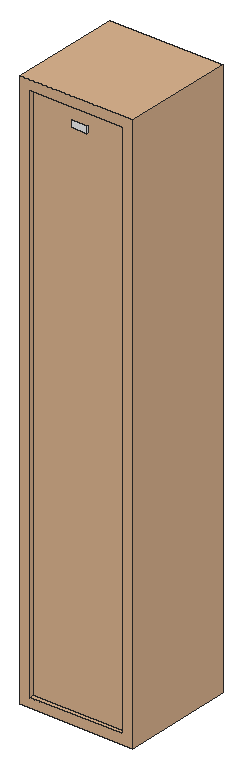
Revit family
Parameters (values of type "Locker_Athletic_Single-Tier_ASI")
  Width = 1' - 0"
  Warranty Duration (Years) = 0
  URL = "http://www.asilockers.com/"
  Tall = Height > 5' 0"  # no
  Specification = "http://www.arcat.com/sdspecs/htm/10503asi.htm"
  Send Message = "http://www.arcat.com/users.pl?action=UserEmail&company=ASI%20Storage%20Solutions%20Inc.&coid=42798&rep=139&fax=901-312-6197&mf="
  Sales Information = "http://www.asilockers.com/company.html"
  Revision = "R1_08-2010"
  Product Properties = "http://www.arcat.com/bim/bim_info.pl?fn=ASIStorage"
  Product Data = "http://www.arcat.com/arcatcos/cos42/arc42798.html"
  Number Plate Material = Metal - Polished Aluminum
  Model = "As Specified in 10 51 13"
  Material = Metal - Mild Steel, ASTM A1008
  Manufacturer Website = "http://www.asilockers.com/"
  Manufacturer Phone = "901-312-6195 "
  Manufacturer Fax = "901-312-6197"
  Manufacturer Address = "4444 Delp St., Memphis, TN 38118"
  Manufacturer = "ASI Storage Solutions Inc."
  Maintenance Schedule (Months) = 0
  Louvers Width = Width - 0' 5 15/16"  # 0' - 6 1/16"
  Lock Catch Trim = Plastic - White
  Latch = "Single Point"
  Keynote = "10 51 13"
  Installation-Fabrication = "http://www.asilockers.com/installation-assembly/installation.pdf"
  Installation Phase = ""
  Height = 5' - 0"
  Finish = "Hybrid Epoxy/Polyester Powder Coating"
  Expected Lifespan (Years) = 0
  Drawn By = "Robert S. Weygant, CSI, CDT, SCIP"
  Description = "As Specified in 10 51 13"
  Depth = 1' - 0"
  Copyright = "2010, ARCAT, Inc"
  Construction Details = "http://www.asilockers.com/installation-assembly/one-page-assembly.pdf"
  Color Chart = "http://www.asilockers.com/color-guide.html"
  Color [instance] = Paint - Almond #03
  Assembly Code = "E2010200"
Reference planes (in)
  plane 1 "Center (Front/Back)": y = 0
  plane 2 "Bottom": z = 0
  plane 3 "Center (Left/Right)": x = 0
  plane 4 "Front": y = -6
  plane 5 "Back": y = 6
  plane 6 "Left": x = -6
  plane 7 "Right": x = 6
  plane 8 "Top": z = 60
  plane 9 "TO Legs": z = 0
  plane 10: z = 30
Forms (in)
  Extrusion 1, solid, material "Paint - Almond #03" <- "Color"
    sketch origin (0, 0, 0) x (1, 0, 0) y (0, 0, 1)
      loop
        line (-6, 60) -> (-6, 0) -> (6, 0) -> (6, 60) -> (-6, 60)
      loop
        line (5, 59) -> (-5, 59) -> (-5, 1) -> (5, 1) -> (5, 59)
    from -6 to 6
  Extrusion 2, solid, material "Paint - Almond #03" <- "Color"
    sketch origin (0, 0, 0) x (1, 0, 0) y (0, 0, 1)
      loop
        line (5, 59) -> (-5, 59) -> (-5, 1) -> (5, 1) -> (5, 59)
    from -6 to 5.52075
Cuts and joins
  joined: Extrusion 1, Extrusion 2
Lines and regions (in)
  model lines
    curve 1: line (-6, 5, 59) -> (-6, -5, 59)
    curve 2: line (-6, 5, 1) -> (-6, 5, 59)
    curve 3: line (-6, -5, 59) -> (-6, -5, 1)
    curve 4: line (-6, -5, 1) -> (-6, 5, 1)
    curve 5: line (6, 5, 59) -> (6, -5, 59)
    curve 6: line (6, 5, 1) -> (6, 5, 59)
    curve 7: line (6, -5, 59) -> (6, -5, 1)
    curve 8: line (6, -5, 1) -> (6, 5, 1)
    curve 9: line (-3.85323, -5.52075, 30.375) -> (0.14677, -5.52075, 30.375)
    curve 10: line (-3.85323, -5.52075, 29.625) -> (-3.85323, -5.52075, 30.375)
    curve 11: line (0.14677, -5.52075, 29.625) -> (-3.85323, -5.52075, 29.625)
    curve 12: circle (1.4899, -5.52075, 30) r 0.4159 normal (0, -1, 0)
    curve 13: arc (0.14677, -5.52075, 29.625) -> (0.52177, -5.52075, 30) -> (0.14677, -5.52075, 30.375) r 0.375
Dimensions and locks (in)
  equal spacing: plane 6 "Left", plane 3 "Center (Left/Right)", plane 7 "Right"
  equal spacing: plane 5 "Back", plane 1 "Center (Front/Back)", plane 4 "Front"
  "Width": plane 6 "Left" to plane 7 "Right"
  "Depth": plane 5 "Back" to plane 4 "Front"
  "Height": plane 8 "Top" to level
  locked: plane 9 "TO Legs" to level
  locked: plane 4 "Front" to Extrusion 2 at 0.47925
  plane 8 "Top" to plane 9 "TO Legs" = 5' - 0"
  locked: nested 2 to plane 9 "TO Legs" at 4.25
  locked: plane 8 "Top" to nested 3 at 2.96449
  nested 1 to plane 6 "Left" = 0' - 6"
  locked: nested 6 to nested 2 at 1
  locked: nested 1 to nested 7 at 1
  locked: plane 8 "Top" to nested 1 at 4.25
  equal spacing: plane 8 "Top", nested 5, level
  equal spacing: plane 8 "Top", nested 4, level
  curve 9 to plane 10 to curve 11 = 0' - 0 3/8" locked, 0' - 0 3/8" locked
  curve 12 to curve 13 to curve 10 to plane 6 "Left" = 0' - 1.34313" locked, 0' - 4" locked, 0' - 2.14677" locked
  equal spacing: plane 8 "Top", plane 10, level
  aligned and locked: plane 5 "Back" to Extrusion 1
  aligned and locked: Extrusion 1 to plane 4 "Front"
  aligned and locked: plane 5 "Back" to Extrusion 2
  aligned and locked: plane 3 "Center (Left/Right)" to nested 3
  aligned and locked: plane 1 "Center (Front/Back)" to nested 4
  aligned and locked: plane 3 "Center (Left/Right)" to nested 1
  aligned and locked: plane 3 "Center (Left/Right)" to nested 2
  aligned and locked: plane 3 "Center (Left/Right)" to nested 6
  aligned and locked: plane 3 "Center (Left/Right)" to nested 7
Automatic sketch dimensions
  Extrusion 1 sketch curve to plane 6 "Left" = 0' - 0"
  Extrusion 1 sketch curve to plane 7 "Right" = 0' - 0"
  Extrusion 1 sketch curve to plane 9 "TO Legs" = 0' - 0"
  Extrusion 1 sketch curve to plane 8 "Top" = 0' - 0"
  plane 6 "Left" to Extrusion 1 sketch curve = 0' - 1"
  Extrusion 1 sketch curve to plane 7 "Right" = 0' - 1"
  plane 9 "TO Legs" to Extrusion 1 sketch curve = 0' - 1"
  Extrusion 1 sketch curve to plane 8 "Top" = 0' - 1"
  plane 6 "Left" to Extrusion 2 sketch curve = 0' - 1"
  Extrusion 2 sketch curve to plane 7 "Right" = 0' - 1"
  plane 9 "TO Legs" to Extrusion 2 sketch curve = 0' - 1"
  Extrusion 2 sketch curve to plane 8 "Top" = 0' - 1"
  plane 4 "Front" to curve 1 = 0' - 1"
  curve 2 to plane 5 "Back" = 0' - 1"
  level to curve 4 = 0' - 1"
  curve 3 to plane 8 "Top" = 0' - 1"
  plane 4 "Front" to curve 5 = 0' - 1"
  curve 6 to plane 5 "Back" = 0' - 1"
  level to curve 8 = 0' - 1"
  curve 7 to plane 8 "Top" = 0' - 1"
  curve 11 to curve 12 = 0' - 0 3/8"
  radius of curve 12 = 0' - 0.4159"
Nested families (in)
  nested 1: "Grille-Diamonds-7x7" at (0, -5.52075, 44.70313) x (1, 0, 0) z (0, -1, 0), type "Grille-Diamonds-7x7"
  nested 2: "Grille-Diamonds-7x7" at (0, -5.52075, 4.25) x (1, 0, 0) z (0, -1, 0), type "Grille-Diamonds-7x7"
  nested 3: "Number Plate" at (0, -5.52075, 57.03551) x (1, 0, 0) z (0, -1, 0), type "Number Plate"
  nested 4: "Grille-Diamonds-3x38or32" at (-6, 0, 30) x (0, -1, 0) z (-1, 0, 0), type "Grille-Diamonds-3x38or32"
  nested 5: "Grille-Diamonds-3x38or32" at (6, 0, 30) x (0, 1, 0) z (1, 0, 0), type "Grille-Diamonds-3x38or32"
  nested 6: "Grille-Diamonds-7x7" at (0, -5.52075, 16.29688) x (1, 0, 0) z (0, -1, 0), type "Grille-Diamonds-7x7"
  nested 7: "Grille-Diamonds-7x7" at (0, -5.52075, 32.65625) x (1, 0, 0) z (0, -1, 0), type "Grille-Diamonds-7x7"
Definition of nested family "Number Plate"
  Parameters
    Number Plate Material = none
    Default Elevation = 4' - 0"
  Reference planes (in)
    plane 1 "Center (Front/Back)": y = 0
    plane 2: z = 0
    plane 3 "Center (Left/Right)": x = 0
  Forms (in)
    Extrusion 1, solid, material "Metal - Polished Aluminum" <- "Number Plate Material"
      sketch origin (0, 50.91051, 0.0625) x (0, -1, 0) y (-1, 0, 0)
        loop
          line (51.25426, 0.84375) -> (50.56676, 0.84375) -> (50.56676, -0.84375) -> (51.25426, -0.84375) -> (51.25426, 0.84375)
      from 0 to 0.0625
  Dimensions and locks (in)
    Extrusion 1 to Extrusion 1 = 0' - 1 11/16"
Definition of nested family "Grille-Diamonds-7x7"
  Parameters (values of type "Grille-Diamonds-7x7")
    Default Elevation = 0' - 0"
    Assembly Code = ""
  Reference planes (in)
    plane 1 "Center (Front/Back)": y = 0
    plane 2: z = 0
    plane 3 "Center (Left/Right)": x = 0
    plane 4 "Top": y = 11.04687
  Forms (in)
    Extrusion 1, solid
      sketch origin (0, 0, 0) x (1, 0, 0) y (0, 1, 0)
        loop
          line (-48, 76.2223) -> (-48, -48) -> (48, -48) -> (48, 76.2223) -> (-48, 76.2223)
      from 0 to -12
  Lines and regions (in)
    model lines
      curve 1: line (-0.65034, 1.48437, 0) -> (-1.03681, 0.74219, 0)
      curve 2: line (-0.65034, 0, 0) -> (-1.03681, 0.74219, 0)
      curve 3: line (-0.65034, 1.48437, 0) -> (-0.26387, 0.74219, 0)
      curve 4: line (-0.65034, 0, 0) -> (-0.26387, 0.74219, 0)
      curve 5: line (0.65034, 1.48437, 0) -> (0.26387, 0.74219, 0)
      curve 6: line (0.65034, 0, 0) -> (0.26387, 0.74219, 0)
      curve 7: line (0.65034, 1.48437, 0) -> (1.03681, 0.74219, 0)
      curve 8: line (0.65034, 0, 0) -> (1.03681, 0.74219, 0)
      curve 9: line (0, 0.79687, 0) -> (0.38647, 1.53906, 0)
      curve 10: line (0, 2.28125, 0) -> (0.38647, 1.53906, 0)
      curve 11: line (0, 0.79687, 0) -> (-0.38647, 1.53906, 0)
      curve 12: line (0, 2.28125, 0) -> (-0.38647, 1.53906, 0)
      curve 13: line (-0.65034, 3.07812, 0) -> (-1.03681, 2.33594, 0)
      curve 14: line (-0.65034, 1.59375, 0) -> (-1.03681, 2.33594, 0)
      curve 15: line (-0.65034, 3.07812, 0) -> (-0.26387, 2.33594, 0)
      curve 16: line (-0.65034, 1.59375, 0) -> (-0.26387, 2.33594, 0)
      curve 17: line (0.65034, 3.07812, 0) -> (0.26387, 2.33594, 0)
      curve 18: line (0.65034, 1.59375, 0) -> (0.26387, 2.33594, 0)
      curve 19: line (0.65034, 3.07812, 0) -> (1.03681, 2.33594, 0)
      curve 20: line (0.65034, 1.59375, 0) -> (1.03681, 2.33594, 0)
      curve 21: line (0, 2.39062, 0) -> (0.38647, 3.13281, 0)
      curve 22: line (0, 3.875, 0) -> (0.38647, 3.13281, 0)
      curve 23: line (0, 2.39062, 0) -> (-0.38647, 3.13281, 0)
      curve 24: line (0, 3.875, 0) -> (-0.38647, 3.13281, 0)
      curve 25: line (-0.65034, 4.67187, 0) -> (-1.03681, 3.92969, 0)
      curve 26: line (-0.65034, 3.1875, 0) -> (-1.03681, 3.92969, 0)
      curve 27: line (-0.65034, 4.67187, 0) -> (-0.26387, 3.92969, 0)
      curve 28: line (-0.65034, 3.1875, 0) -> (-0.26387, 3.92969, 0)
      curve 29: line (0.65034, 4.67187, 0) -> (0.26387, 3.92969, 0)
      curve 30: line (0.65034, 3.1875, 0) -> (0.26387, 3.92969, 0)
      curve 31: line (0.65034, 4.67187, 0) -> (1.03681, 3.92969, 0)
      curve 32: line (0.65034, 3.1875, 0) -> (1.03681, 3.92969, 0)
      curve 33: line (0, 3.98437, 0) -> (0.38647, 4.72656, 0)
      curve 34: line (0, 5.46875, 0) -> (0.38647, 4.72656, 0)
      curve 35: line (0, 3.98437, 0) -> (-0.38647, 4.72656, 0)
      curve 36: line (0, 5.46875, 0) -> (-0.38647, 4.72656, 0)
      curve 37: line (-0.65034, 6.26562, 0) -> (-1.03681, 5.52344, 0)
      curve 38: line (-0.65034, 4.78125, 0) -> (-1.03681, 5.52344, 0)
      curve 39: line (-0.65034, 6.26562, 0) -> (-0.26387, 5.52344, 0)
      curve 40: line (-0.65034, 4.78125, 0) -> (-0.26387, 5.52344, 0)
      curve 41: line (0.65034, 6.26562, 0) -> (0.26387, 5.52344, 0)
      curve 42: line (0.65034, 4.78125, 0) -> (0.26387, 5.52344, 0)
      curve 43: line (0.65034, 6.26562, 0) -> (1.03681, 5.52344, 0)
      curve 44: line (0.65034, 4.78125, 0) -> (1.03681, 5.52344, 0)
      curve 45: line (0, 5.57812, 0) -> (0.38647, 6.32031, 0)
      curve 46: line (0, 7.0625, 0) -> (0.38647, 6.32031, 0)
      curve 47: line (0, 5.57812, 0) -> (-0.38647, 6.32031, 0)
      curve 48: line (0, 7.0625, 0) -> (-0.38647, 6.32031, 0)
      curve 49: line (-0.65034, 7.85937, 0) -> (-1.03681, 7.11719, 0)
      curve 50: line (-0.65034, 6.375, 0) -> (-1.03681, 7.11719, 0)
      curve 51: line (-0.65034, 7.85937, 0) -> (-0.26387, 7.11719, 0)
      curve 52: line (-0.65034, 6.375, 0) -> (-0.26387, 7.11719, 0)
      curve 53: line (0.65034, 7.85937, 0) -> (0.26387, 7.11719, 0)
      curve 54: line (0.65034, 6.375, 0) -> (0.26387, 7.11719, 0)
      curve 55: line (0.65034, 7.85937, 0) -> (1.03681, 7.11719, 0)
      curve 56: line (0.65034, 6.375, 0) -> (1.03681, 7.11719, 0)
      curve 57: line (0, 7.17187, 0) -> (0.38647, 7.91406, 0)
      curve 58: line (0, 8.65625, 0) -> (0.38647, 7.91406, 0)
      curve 59: line (0, 7.17187, 0) -> (-0.38647, 7.91406, 0)
      curve 60: line (0, 8.65625, 0) -> (-0.38647, 7.91406, 0)
      curve 61: line (-0.65034, 9.45312, 0) -> (-1.03681, 8.71094, 0)
      curve 62: line (-0.65034, 7.96875, 0) -> (-1.03681, 8.71094, 0)
      curve 63: line (-0.65034, 9.45312, 0) -> (-0.26387, 8.71094, 0)
      curve 64: line (-0.65034, 7.96875, 0) -> (-0.26387, 8.71094, 0)
      curve 65: line (0.65034, 9.45312, 0) -> (0.26387, 8.71094, 0)
      curve 66: line (0.65034, 7.96875, 0) -> (0.26387, 8.71094, 0)
      curve 67: line (0.65034, 9.45312, 0) -> (1.03681, 8.71094, 0)
      curve 68: line (0.65034, 7.96875, 0) -> (1.03681, 8.71094, 0)
      curve 69: line (0, 8.76562, 0) -> (0.38647, 9.50781, 0)
      curve 70: line (0, 10.25, 0) -> (0.38647, 9.50781, 0)
      curve 71: line (0, 8.76562, 0) -> (-0.38647, 9.50781, 0)
      curve 72: line (0, 10.25, 0) -> (-0.38647, 9.50781, 0)
      curve 73: line (-0.65034, 11.04687, 0) -> (-1.03681, 10.30469, 0)
      curve 74: line (-0.65034, 9.5625, 0) -> (-1.03681, 10.30469, 0)
      curve 75: line (-0.65034, 11.04687, 0) -> (-0.26387, 10.30469, 0)
      curve 76: line (-0.65034, 9.5625, 0) -> (-0.26387, 10.30469, 0)
      curve 77: line (0.65034, 11.04687, 0) -> (0.26387, 10.30469, 0)
      curve 78: line (0.65034, 9.5625, 0) -> (0.26387, 10.30469, 0)
      curve 79: line (0.65034, 11.04687, 0) -> (1.03681, 10.30469, 0)
      curve 80: line (0.65034, 9.5625, 0) -> (1.03681, 10.30469, 0)
      curve 81: line (1.95101, 1.48437, 0) -> (2.33748, 0.74219, 0)
      curve 82: line (1.95101, 0, 0) -> (2.33748, 0.74219, 0)
      curve 83: line (1.95101, 1.48437, 0) -> (1.56454, 0.74219, 0)
      curve 84: line (1.95101, 0, 0) -> (1.56454, 0.74219, 0)
      curve 85: line (1.30067, 0.79687, 0) -> (0.9142, 1.53906, 0)
      curve 86: line (1.30067, 2.28125, 0) -> (0.9142, 1.53906, 0)
      curve 87: line (1.30067, 0.79687, 0) -> (1.68715, 1.53906, 0)
      curve 88: line (1.30067, 2.28125, 0) -> (1.68715, 1.53906, 0)
      curve 89: line (1.95101, 3.07812, 0) -> (2.33748, 2.33594, 0)
      curve 90: line (1.95101, 1.59375, 0) -> (2.33748, 2.33594, 0)
      curve 91: line (1.95101, 3.07812, 0) -> (1.56454, 2.33594, 0)
      curve 92: line (1.95101, 1.59375, 0) -> (1.56454, 2.33594, 0)
      curve 93: line (1.30067, 2.39062, 0) -> (0.9142, 3.13281, 0)
      curve 94: line (1.30067, 3.875, 0) -> (0.9142, 3.13281, 0)
      curve 95: line (1.30067, 2.39062, 0) -> (1.68715, 3.13281, 0)
      curve 96: line (1.30067, 3.875, 0) -> (1.68715, 3.13281, 0)
      curve 97: line (1.95101, 4.67187, 0) -> (2.33748, 3.92969, 0)
      curve 98: line (1.95101, 3.1875, 0) -> (2.33748, 3.92969, 0)
      curve 99: line (1.95101, 4.67187, 0) -> (1.56454, 3.92969, 0)
      curve 100: line (1.95101, 3.1875, 0) -> (1.56454, 3.92969, 0)
      curve 101: line (1.30067, 3.98437, 0) -> (0.9142, 4.72656, 0)
      curve 102: line (1.30067, 5.46875, 0) -> (0.9142, 4.72656, 0)
      curve 103: line (1.30067, 3.98437, 0) -> (1.68715, 4.72656, 0)
      curve 104: line (1.30067, 5.46875, 0) -> (1.68715, 4.72656, 0)
      curve 105: line (1.95101, 6.26562, 0) -> (2.33748, 5.52344, 0)
      curve 106: line (1.95101, 4.78125, 0) -> (2.33748, 5.52344, 0)
      curve 107: line (1.95101, 6.26562, 0) -> (1.56454, 5.52344, 0)
      curve 108: line (1.95101, 4.78125, 0) -> (1.56454, 5.52344, 0)
      curve 109: line (1.30067, 5.57812, 0) -> (0.9142, 6.32031, 0)
      curve 110: line (1.30067, 7.0625, 0) -> (0.9142, 6.32031, 0)
      curve 111: line (1.30067, 5.57812, 0) -> (1.68715, 6.32031, 0)
      curve 112: line (1.30067, 7.0625, 0) -> (1.68715, 6.32031, 0)
      curve 113: line (1.95101, 7.85937, 0) -> (2.33748, 7.11719, 0)
      curve 114: line (1.95101, 6.375, 0) -> (2.33748, 7.11719, 0)
      curve 115: line (1.95101, 7.85937, 0) -> (1.56454, 7.11719, 0)
      curve 116: line (1.95101, 6.375, 0) -> (1.56454, 7.11719, 0)
      curve 117: line (1.30067, 7.17187, 0) -> (0.9142, 7.91406, 0)
      curve 118: line (1.30067, 8.65625, 0) -> (0.9142, 7.91406, 0)
      curve 119: line (1.30067, 7.17187, 0) -> (1.68715, 7.91406, 0)
      curve 120: line (1.30067, 8.65625, 0) -> (1.68715, 7.91406, 0)
      curve 121: line (1.95101, 9.45312, 0) -> (2.33748, 8.71094, 0)
      curve 122: line (1.95101, 7.96875, 0) -> (2.33748, 8.71094, 0)
      curve 123: line (1.95101, 9.45312, 0) -> (1.56454, 8.71094, 0)
      curve 124: line (1.95101, 7.96875, 0) -> (1.56454, 8.71094, 0)
      curve 125: line (1.30067, 8.76562, 0) -> (0.9142, 9.50781, 0)
      curve 126: line (1.30067, 10.25, 0) -> (0.9142, 9.50781, 0)
      curve 127: line (1.30067, 8.76562, 0) -> (1.68715, 9.50781, 0)
      curve 128: line (1.30067, 10.25, 0) -> (1.68715, 9.50781, 0)
      curve 129: line (1.95101, 11.04687, 0) -> (2.33748, 10.30469, 0)
      curve 130: line (1.95101, 9.5625, 0) -> (2.33748, 10.30469, 0)
      curve 131: line (1.95101, 11.04687, 0) -> (1.56454, 10.30469, 0)
      curve 132: line (1.95101, 9.5625, 0) -> (1.56454, 10.30469, 0)
      curve 133: line (-3.25169, 1.48437, 0) -> (-3.63816, 0.74219, 0)
      curve 134: line (-3.25169, 0, 0) -> (-3.63816, 0.74219, 0)
      curve 135: line (-3.25169, 1.48437, 0) -> (-2.86522, 0.74219, 0)
      curve 136: line (-3.25169, 0, 0) -> (-2.86522, 0.74219, 0)
      curve 137: line (-1.95101, 1.48437, 0) -> (-2.33748, 0.74219, 0)
      curve 138: line (-1.95101, 0, 0) -> (-2.33748, 0.74219, 0)
      curve 139: line (-1.95101, 1.48437, 0) -> (-1.56454, 0.74219, 0)
      curve 140: line (-1.95101, 0, 0) -> (-1.56454, 0.74219, 0)
      curve 141: line (-2.60135, 0.79687, 0) -> (-2.21488, 1.53906, 0)
      curve 142: line (-2.60135, 2.28125, 0) -> (-2.21488, 1.53906, 0)
      curve 143: line (-2.60135, 0.79687, 0) -> (-2.98782, 1.53906, 0)
      curve 144: line (-2.60135, 2.28125, 0) -> (-2.98782, 1.53906, 0)
      curve 145: line (-3.25169, 3.07812, 0) -> (-3.63816, 2.33594, 0)
      curve 146: line (-3.25169, 1.59375, 0) -> (-3.63816, 2.33594, 0)
      curve 147: line (-3.25169, 3.07812, 0) -> (-2.86522, 2.33594, 0)
      curve 148: line (-3.25169, 1.59375, 0) -> (-2.86522, 2.33594, 0)
      curve 149: line (-1.95101, 3.07812, 0) -> (-2.33748, 2.33594, 0)
      curve 150: line (-1.95101, 1.59375, 0) -> (-2.33748, 2.33594, 0)
      curve 151: line (-1.95101, 3.07812, 0) -> (-1.56454, 2.33594, 0)
      curve 152: line (-1.95101, 1.59375, 0) -> (-1.56454, 2.33594, 0)
      curve 153: line (-2.60135, 2.39062, 0) -> (-2.21488, 3.13281, 0)
      curve 154: line (-2.60135, 3.875, 0) -> (-2.21488, 3.13281, 0)
      curve 155: line (-2.60135, 2.39062, 0) -> (-2.98782, 3.13281, 0)
      curve 156: line (-2.60135, 3.875, 0) -> (-2.98782, 3.13281, 0)
      curve 157: line (-3.25169, 4.67187, 0) -> (-3.63816, 3.92969, 0)
      curve 158: line (-3.25169, 3.1875, 0) -> (-3.63816, 3.92969, 0)
      curve 159: line (-3.25169, 4.67187, 0) -> (-2.86522, 3.92969, 0)
      curve 160: line (-3.25169, 3.1875, 0) -> (-2.86522, 3.92969, 0)
      curve 161: line (-1.95101, 4.67187, 0) -> (-2.33748, 3.92969, 0)
      curve 162: line (-1.95101, 3.1875, 0) -> (-2.33748, 3.92969, 0)
      curve 163: line (-1.95101, 4.67187, 0) -> (-1.56454, 3.92969, 0)
      curve 164: line (-1.95101, 3.1875, 0) -> (-1.56454, 3.92969, 0)
      curve 165: line (-2.60135, 3.98437, 0) -> (-2.21488, 4.72656, 0)
      curve 166: line (-2.60135, 5.46875, 0) -> (-2.21488, 4.72656, 0)
      curve 167: line (-2.60135, 3.98437, 0) -> (-2.98782, 4.72656, 0)
      curve 168: line (-2.60135, 5.46875, 0) -> (-2.98782, 4.72656, 0)
      curve 169: line (-3.25169, 6.26562, 0) -> (-3.63816, 5.52344, 0)
      curve 170: line (-3.25169, 4.78125, 0) -> (-3.63816, 5.52344, 0)
      curve 171: line (-3.25169, 6.26562, 0) -> (-2.86522, 5.52344, 0)
      curve 172: line (-3.25169, 4.78125, 0) -> (-2.86522, 5.52344, 0)
      curve 173: line (-1.95101, 6.26562, 0) -> (-2.33748, 5.52344, 0)
      curve 174: line (-1.95101, 4.78125, 0) -> (-2.33748, 5.52344, 0)
      curve 175: line (-1.95101, 6.26562, 0) -> (-1.56454, 5.52344, 0)
      curve 176: line (-1.95101, 4.78125, 0) -> (-1.56454, 5.52344, 0)
      curve 177: line (-2.60135, 5.57812, 0) -> (-2.21488, 6.32031, 0)
      curve 178: line (-2.60135, 7.0625, 0) -> (-2.21488, 6.32031, 0)
      curve 179: line (-2.60135, 5.57812, 0) -> (-2.98782, 6.32031, 0)
      curve 180: line (-2.60135, 7.0625, 0) -> (-2.98782, 6.32031, 0)
      curve 181: line (-3.25169, 7.85937, 0) -> (-3.63816, 7.11719, 0)
      curve 182: line (-3.25169, 6.375, 0) -> (-3.63816, 7.11719, 0)
      curve 183: line (-3.25169, 7.85937, 0) -> (-2.86522, 7.11719, 0)
      curve 184: line (-3.25169, 6.375, 0) -> (-2.86522, 7.11719, 0)
      curve 185: line (-1.95101, 7.85937, 0) -> (-2.33748, 7.11719, 0)
      curve 186: line (-1.95101, 6.375, 0) -> (-2.33748, 7.11719, 0)
      curve 187: line (-1.95101, 7.85937, 0) -> (-1.56454, 7.11719, 0)
      curve 188: line (-1.95101, 6.375, 0) -> (-1.56454, 7.11719, 0)
      curve 189: line (-2.60135, 7.17187, 0) -> (-2.21488, 7.91406, 0)
      curve 190: line (-2.60135, 8.65625, 0) -> (-2.21488, 7.91406, 0)
      curve 191: line (-2.60135, 7.17187, 0) -> (-2.98782, 7.91406, 0)
      curve 192: line (-2.60135, 8.65625, 0) -> (-2.98782, 7.91406, 0)
      curve 193: line (-3.25169, 9.45312, 0) -> (-3.63816, 8.71094, 0)
      curve 194: line (-3.25169, 7.96875, 0) -> (-3.63816, 8.71094, 0)
      curve 195: line (-3.25169, 9.45312, 0) -> (-2.86522, 8.71094, 0)
      curve 196: line (-3.25169, 7.96875, 0) -> (-2.86522, 8.71094, 0)
      curve 197: line (-1.95101, 9.45312, 0) -> (-2.33748, 8.71094, 0)
      curve 198: line (-1.95101, 7.96875, 0) -> (-2.33748, 8.71094, 0)
      curve 199: line (-1.95101, 9.45312, 0) -> (-1.56454, 8.71094, 0)
      curve 200: line (-1.95101, 7.96875, 0) -> (-1.56454, 8.71094, 0)
      curve 201: line (-2.60135, 8.76562, 0) -> (-2.21488, 9.50781, 0)
      curve 202: line (-2.60135, 10.25, 0) -> (-2.21488, 9.50781, 0)
      curve 203: line (-2.60135, 8.76562, 0) -> (-2.98782, 9.50781, 0)
      curve 204: line (-2.60135, 10.25, 0) -> (-2.98782, 9.50781, 0)
      curve 205: line (-3.25169, 11.04687, 0) -> (-3.63816, 10.30469, 0)
      curve 206: line (-3.25169, 9.5625, 0) -> (-3.63816, 10.30469, 0)
      curve 207: line (-3.25169, 11.04687, 0) -> (-2.86522, 10.30469, 0)
      curve 208: line (-3.25169, 9.5625, 0) -> (-2.86522, 10.30469, 0)
      curve 209: line (-1.95101, 11.04687, 0) -> (-2.33748, 10.30469, 0)
      curve 210: line (-1.95101, 9.5625, 0) -> (-2.33748, 10.30469, 0)
      curve 211: line (-1.95101, 11.04687, 0) -> (-1.56454, 10.30469, 0)
      curve 212: line (-1.95101, 9.5625, 0) -> (-1.56454, 10.30469, 0)
      curve 213: line (-1.30067, 0.79687, 0) -> (-1.68715, 1.53906, 0)
      curve 214: line (-1.30067, 2.28125, 0) -> (-1.68715, 1.53906, 0)
      curve 215: line (-1.30067, 0.79687, 0) -> (-0.9142, 1.53906, 0)
      curve 216: line (-1.30067, 2.28125, 0) -> (-0.9142, 1.53906, 0)
      curve 217: line (-1.30067, 2.39062, 0) -> (-1.68715, 3.13281, 0)
      curve 218: line (-1.30067, 3.875, 0) -> (-1.68715, 3.13281, 0)
      curve 219: line (-1.30067, 2.39062, 0) -> (-0.9142, 3.13281, 0)
      curve 220: line (-1.30067, 3.875, 0) -> (-0.9142, 3.13281, 0)
      curve 221: line (-1.30067, 3.98437, 0) -> (-1.68715, 4.72656, 0)
      curve 222: line (-1.30067, 5.46875, 0) -> (-1.68715, 4.72656, 0)
      curve 223: line (-1.30067, 3.98437, 0) -> (-0.9142, 4.72656, 0)
      curve 224: line (-1.30067, 5.46875, 0) -> (-0.9142, 4.72656, 0)
      curve 225: line (-1.30067, 5.57812, 0) -> (-1.68715, 6.32031, 0)
      curve 226: line (-1.30067, 7.0625, 0) -> (-1.68715, 6.32031, 0)
      curve 227: line (-1.30067, 5.57812, 0) -> (-0.9142, 6.32031, 0)
      curve 228: line (-1.30067, 7.0625, 0) -> (-0.9142, 6.32031, 0)
      curve 229: line (-1.30067, 7.17187, 0) -> (-1.68715, 7.91406, 0)
      curve 230: line (-1.30067, 8.65625, 0) -> (-1.68715, 7.91406, 0)
      curve 231: line (-1.30067, 7.17187, 0) -> (-0.9142, 7.91406, 0)
      curve 232: line (-1.30067, 8.65625, 0) -> (-0.9142, 7.91406, 0)
      curve 233: line (-1.30067, 8.76562, 0) -> (-1.68715, 9.50781, 0)
      curve 234: line (-1.30067, 10.25, 0) -> (-1.68715, 9.50781, 0)
      curve 235: line (-1.30067, 8.76562, 0) -> (-0.9142, 9.50781, 0)
      curve 236: line (-1.30067, 10.25, 0) -> (-0.9142, 9.50781, 0)
      curve 237: line (2.60135, 0.79687, 0) -> (2.98782, 1.53906, 0)
      curve 238: line (2.60135, 2.28125, 0) -> (2.98782, 1.53906, 0)
      curve 239: line (2.60135, 0.79687, 0) -> (2.21488, 1.53906, 0)
      curve 240: line (2.60135, 2.28125, 0) -> (2.21488, 1.53906, 0)
      curve 241: line (2.60135, 2.39062, 0) -> (2.98782, 3.13281, 0)
      curve 242: line (2.60135, 3.875, 0) -> (2.98782, 3.13281, 0)
      curve 243: line (2.60135, 2.39062, 0) -> (2.21488, 3.13281, 0)
      curve 244: line (2.60135, 3.875, 0) -> (2.21488, 3.13281, 0)
      curve 245: line (2.60135, 3.98437, 0) -> (2.98782, 4.72656, 0)
      curve 246: line (2.60135, 5.46875, 0) -> (2.98782, 4.72656, 0)
      curve 247: line (2.60135, 3.98437, 0) -> (2.21488, 4.72656, 0)
      curve 248: line (2.60135, 5.46875, 0) -> (2.21488, 4.72656, 0)
      curve 249: line (2.60135, 5.57812, 0) -> (2.98782, 6.32031, 0)
      curve 250: line (2.60135, 7.0625, 0) -> (2.98782, 6.32031, 0)
      curve 251: line (2.60135, 5.57812, 0) -> (2.21488, 6.32031, 0)
      curve 252: line (2.60135, 7.0625, 0) -> (2.21488, 6.32031, 0)
      curve 253: line (2.60135, 7.17187, 0) -> (2.98782, 7.91406, 0)
      curve 254: line (2.60135, 8.65625, 0) -> (2.98782, 7.91406, 0)
      curve 255: line (2.60135, 7.17187, 0) -> (2.21488, 7.91406, 0)
      curve 256: line (2.60135, 8.65625, 0) -> (2.21488, 7.91406, 0)
      curve 257: line (2.60135, 8.76562, 0) -> (2.98782, 9.50781, 0)
      curve 258: line (2.60135, 10.25, 0) -> (2.98782, 9.50781, 0)
      curve 259: line (2.60135, 8.76562, 0) -> (2.21488, 9.50781, 0)
      curve 260: line (2.60135, 10.25, 0) -> (2.21488, 9.50781, 0)
      curve 261: line (3.25169, 1.48437, 0) -> (2.86522, 0.74219, 0)
      curve 262: line (3.25169, 0, 0) -> (2.86522, 0.74219, 0)
      curve 263: line (3.25169, 1.48437, 0) -> (3.63816, 0.74219, 0)
      curve 264: line (3.25169, 0, 0) -> (3.63816, 0.74219, 0)
      curve 265: line (3.25169, 3.07812, 0) -> (2.86522, 2.33594, 0)
      curve 266: line (3.25169, 1.59375, 0) -> (2.86522, 2.33594, 0)
      curve 267: line (3.25169, 3.07812, 0) -> (3.63816, 2.33594, 0)
      curve 268: line (3.25169, 1.59375, 0) -> (3.63816, 2.33594, 0)
      curve 269: line (3.25169, 4.67187, 0) -> (2.86522, 3.92969, 0)
      curve 270: line (3.25169, 3.1875, 0) -> (2.86522, 3.92969, 0)
      curve 271: line (3.25169, 4.67187, 0) -> (3.63816, 3.92969, 0)
      curve 272: line (3.25169, 3.1875, 0) -> (3.63816, 3.92969, 0)
      curve 273: line (3.25169, 6.26562, 0) -> (2.86522, 5.52344, 0)
      curve 274: line (3.25169, 4.78125, 0) -> (2.86522, 5.52344, 0)
      curve 275: line (3.25169, 6.26562, 0) -> (3.63816, 5.52344, 0)
      curve 276: line (3.25169, 4.78125, 0) -> (3.63816, 5.52344, 0)
      curve 277: line (3.25169, 7.85937, 0) -> (2.86522, 7.11719, 0)
      curve 278: line (3.25169, 6.375, 0) -> (2.86522, 7.11719, 0)
      curve 279: line (3.25169, 7.85937, 0) -> (3.63816, 7.11719, 0)
      curve 280: line (3.25169, 6.375, 0) -> (3.63816, 7.11719, 0)
      curve 281: line (3.25169, 9.45312, 0) -> (2.86522, 8.71094, 0)
      curve 282: line (3.25169, 7.96875, 0) -> (2.86522, 8.71094, 0)
      curve 283: line (3.25169, 9.45312, 0) -> (3.63816, 8.71094, 0)
      curve 284: line (3.25169, 7.96875, 0) -> (3.63816, 8.71094, 0)
      curve 285: line (3.25169, 11.04687, 0) -> (2.86522, 10.30469, 0)
      curve 286: line (3.25169, 9.5625, 0) -> (2.86522, 10.30469, 0)
      curve 287: line (3.25169, 11.04687, 0) -> (3.63816, 10.30469, 0)
      curve 288: line (3.25169, 9.5625, 0) -> (3.63816, 10.30469, 0)
  Dimensions and locks (in)
    aligned and locked: plane 2 to Extrusion 1
    aligned and locked: level to Extrusion 1
Definition of nested family "Grille-Diamonds-3x38or32"
  Parameters (values of type "Grille-Diamonds-3x38or32")
    Tall = yes
    Default Elevation = 0' - 0"
    Assembly Code = ""
  Reference planes (in)
    plane 1 "Center (Front/Back)": y = 0
    plane 2: z = 0
    plane 3 "Center (Left/Right)": x = 0
  Forms (in)
    Extrusion 1, solid
      sketch origin (0, 0, 0) x (1, 0, 0) y (0, 1, 0)
        loop
          line (-48, 76.2223) -> (-48, -48) -> (48, -48) -> (48, 76.2223) -> (-48, 76.2223)
      from 0 to -12
  Lines and regions (in)
    model lines, visible <- "Tall"
      curve 1: line (-1.30067, -29.14062, 0) -> (-1.68715, -29.88281, 0)
      curve 2: line (-1.30067, -30.625, 0) -> (-1.68715, -29.88281, 0)
      curve 3: line (-1.30067, -29.14062, 0) -> (-0.9142, -29.88281, 0)
      curve 4: line (-1.30067, -30.625, 0) -> (-0.9142, -29.88281, 0)
      curve 5: line (0, -29.14062, 0) -> (-0.38647, -29.88281, 0)
      curve 6: line (0, -30.625, 0) -> (-0.38647, -29.88281, 0)
      curve 7: line (0, -29.14062, 0) -> (0.38647, -29.88281, 0)
      curve 8: line (0, -30.625, 0) -> (0.38647, -29.88281, 0)
      curve 9: line (-0.65034, -29.82812, 0) -> (-0.26387, -29.08594, 0)
      curve 10: line (-0.65034, -28.34375, 0) -> (-0.26387, -29.08594, 0)
      curve 11: line (-0.65034, -29.82812, 0) -> (-1.03681, -29.08594, 0)
      curve 12: line (-0.65034, -28.34375, 0) -> (-1.03681, -29.08594, 0)
      curve 13: line (-1.30067, -27.54687, 0) -> (-1.68715, -28.28906, 0)
      curve 14: line (-1.30067, -29.03125, 0) -> (-1.68715, -28.28906, 0)
      curve 15: line (-1.30067, -27.54687, 0) -> (-0.9142, -28.28906, 0)
      curve 16: line (-1.30067, -29.03125, 0) -> (-0.9142, -28.28906, 0)
      curve 17: line (0, -27.54687, 0) -> (-0.38647, -28.28906, 0)
      curve 18: line (0, -29.03125, 0) -> (-0.38647, -28.28906, 0)
      curve 19: line (0, -27.54687, 0) -> (0.38647, -28.28906, 0)
      curve 20: line (0, -29.03125, 0) -> (0.38647, -28.28906, 0)
      curve 21: line (-0.65034, -28.23437, 0) -> (-0.26387, -27.49219, 0)
      curve 22: line (-0.65034, -26.75, 0) -> (-0.26387, -27.49219, 0)
      curve 23: line (-0.65034, -28.23437, 0) -> (-1.03681, -27.49219, 0)
      curve 24: line (-0.65034, -26.75, 0) -> (-1.03681, -27.49219, 0)
      curve 25: line (-1.30067, -25.95312, 0) -> (-1.68715, -26.69531, 0)
      curve 26: line (-1.30067, -27.4375, 0) -> (-1.68715, -26.69531, 0)
      curve 27: line (-1.30067, -25.95312, 0) -> (-0.9142, -26.69531, 0)
      curve 28: line (-1.30067, -27.4375, 0) -> (-0.9142, -26.69531, 0)
      curve 29: line (0, -25.95312, 0) -> (-0.38647, -26.69531, 0)
      curve 30: line (0, -27.4375, 0) -> (-0.38647, -26.69531, 0)
      curve 31: line (0, -25.95312, 0) -> (0.38647, -26.69531, 0)
      curve 32: line (0, -27.4375, 0) -> (0.38647, -26.69531, 0)
      curve 421: line (-1.30067, 26.64062, 0) -> (-1.68715, 25.89844, 0)
      curve 422: line (-1.30067, 25.15625, 0) -> (-1.68715, 25.89844, 0)
      curve 423: line (-1.30067, 26.64062, 0) -> (-0.9142, 25.89844, 0)
      curve 424: line (-1.30067, 25.15625, 0) -> (-0.9142, 25.89844, 0)
      curve 425: line (0, 26.64062, 0) -> (-0.38647, 25.89844, 0)
      curve 426: line (0, 25.15625, 0) -> (-0.38647, 25.89844, 0)
      curve 427: line (0, 26.64062, 0) -> (0.38647, 25.89844, 0)
      curve 428: line (0, 25.15625, 0) -> (0.38647, 25.89844, 0)
      curve 429: line (-0.65034, 25.95312, 0) -> (-0.26387, 26.69531, 0)
      curve 430: line (-0.65034, 27.4375, 0) -> (-0.26387, 26.69531, 0)
      curve 431: line (-0.65034, 25.95312, 0) -> (-1.03681, 26.69531, 0)
      curve 432: line (-0.65034, 27.4375, 0) -> (-1.03681, 26.69531, 0)
      curve 433: line (-1.30067, 28.23437, 0) -> (-1.68715, 27.49219, 0)
      curve 434: line (-1.30067, 26.75, 0) -> (-1.68715, 27.49219, 0)
      curve 435: line (-1.30067, 28.23437, 0) -> (-0.9142, 27.49219, 0)
      curve 436: line (-1.30067, 26.75, 0) -> (-0.9142, 27.49219, 0)
      curve 437: line (0, 28.23437, 0) -> (-0.38647, 27.49219, 0)
      curve 438: line (0, 26.75, 0) -> (-0.38647, 27.49219, 0)
      curve 439: line (0, 28.23437, 0) -> (0.38647, 27.49219, 0)
      curve 440: line (0, 26.75, 0) -> (0.38647, 27.49219, 0)
      curve 441: line (-0.65034, 27.54687, 0) -> (-0.26387, 28.28906, 0)
      curve 442: line (-0.65034, 29.03125, 0) -> (-0.26387, 28.28906, 0)
      curve 443: line (-0.65034, 27.54687, 0) -> (-1.03681, 28.28906, 0)
      curve 444: line (-0.65034, 29.03125, 0) -> (-1.03681, 28.28906, 0)
      curve 445: line (-1.30067, 29.82812, 0) -> (-1.68715, 29.08594, 0)
      curve 446: line (-1.30067, 28.34375, 0) -> (-1.68715, 29.08594, 0)
      curve 447: line (-1.30067, 29.82812, 0) -> (-0.9142, 29.08594, 0)
      curve 448: line (-1.30067, 28.34375, 0) -> (-0.9142, 29.08594, 0)
      curve 449: line (0, 29.82812, 0) -> (-0.38647, 29.08594, 0)
      curve 450: line (0, 28.34375, 0) -> (-0.38647, 29.08594, 0)
      curve 451: line (0, 29.82812, 0) -> (0.38647, 29.08594, 0)
      curve 452: line (0, 28.34375, 0) -> (0.38647, 29.08594, 0)
      curve 453: line (-0.65034, 29.14062, 0) -> (-0.26387, 29.88281, 0)
      curve 454: line (-0.65034, 30.625, 0) -> (-0.26387, 29.88281, 0)
      curve 455: line (-0.65034, 29.14062, 0) -> (-1.03681, 29.88281, 0)
      curve 456: line (-0.65034, 30.625, 0) -> (-1.03681, 29.88281, 0)
      curve 457: line (1.30067, -29.14062, 0) -> (1.68715, -29.88281, 0)
      curve 458: line (1.30067, -30.625, 0) -> (1.68715, -29.88281, 0)
      curve 459: line (1.30067, -29.14062, 0) -> (0.9142, -29.88281, 0)
      curve 460: line (1.30067, -30.625, 0) -> (0.9142, -29.88281, 0)
      curve 461: line (0.65034, -29.82812, 0) -> (0.26387, -29.08594, 0)
      curve 462: line (0.65034, -28.34375, 0) -> (0.26387, -29.08594, 0)
      curve 463: line (0.65034, -29.82812, 0) -> (1.03681, -29.08594, 0)
      curve 464: line (0.65034, -28.34375, 0) -> (1.03681, -29.08594, 0)
      curve 465: line (1.30067, -27.54687, 0) -> (1.68715, -28.28906, 0)
      curve 466: line (1.30067, -29.03125, 0) -> (1.68715, -28.28906, 0)
      curve 467: line (1.30067, -27.54687, 0) -> (0.9142, -28.28906, 0)
      curve 468: line (1.30067, -29.03125, 0) -> (0.9142, -28.28906, 0)
      curve 469: line (0.65034, -28.23437, 0) -> (0.26387, -27.49219, 0)
      curve 470: line (0.65034, -26.75, 0) -> (0.26387, -27.49219, 0)
      curve 471: line (0.65034, -28.23437, 0) -> (1.03681, -27.49219, 0)
      curve 472: line (0.65034, -26.75, 0) -> (1.03681, -27.49219, 0)
      curve 473: line (1.30067, -25.95312, 0) -> (1.68715, -26.69531, 0)
      curve 474: line (1.30067, -27.4375, 0) -> (1.68715, -26.69531, 0)
      curve 475: line (1.30067, -25.95312, 0) -> (0.9142, -26.69531, 0)
      curve 476: line (1.30067, -27.4375, 0) -> (0.9142, -26.69531, 0)
      curve 737: line (1.30067, 26.64062, 0) -> (1.68715, 25.89844, 0)
      curve 738: line (1.30067, 25.15625, 0) -> (1.68715, 25.89844, 0)
      curve 739: line (1.30067, 26.64062, 0) -> (0.9142, 25.89844, 0)
      curve 740: line (1.30067, 25.15625, 0) -> (0.9142, 25.89844, 0)
      curve 741: line (0.65034, 25.95312, 0) -> (0.26387, 26.69531, 0)
      curve 742: line (0.65034, 27.4375, 0) -> (0.26387, 26.69531, 0)
      curve 743: line (0.65034, 25.95312, 0) -> (1.03681, 26.69531, 0)
      curve 744: line (0.65034, 27.4375, 0) -> (1.03681, 26.69531, 0)
      curve 745: line (1.30067, 28.23437, 0) -> (1.68715, 27.49219, 0)
      curve 746: line (1.30067, 26.75, 0) -> (1.68715, 27.49219, 0)
      curve 747: line (1.30067, 28.23437, 0) -> (0.9142, 27.49219, 0)
      curve 748: line (1.30067, 26.75, 0) -> (0.9142, 27.49219, 0)
      curve 749: line (0.65034, 27.54687, 0) -> (0.26387, 28.28906, 0)
      curve 750: line (0.65034, 29.03125, 0) -> (0.26387, 28.28906, 0)
      curve 751: line (0.65034, 27.54687, 0) -> (1.03681, 28.28906, 0)
      curve 752: line (0.65034, 29.03125, 0) -> (1.03681, 28.28906, 0)
      curve 753: line (1.30067, 29.82812, 0) -> (1.68715, 29.08594, 0)
      curve 754: line (1.30067, 28.34375, 0) -> (1.68715, 29.08594, 0)
      curve 755: line (1.30067, 29.82812, 0) -> (0.9142, 29.08594, 0)
      curve 756: line (1.30067, 28.34375, 0) -> (0.9142, 29.08594, 0)
      curve 757: line (0.65034, 29.14062, 0) -> (0.26387, 29.88281, 0)
      curve 758: line (0.65034, 30.625, 0) -> (0.26387, 29.88281, 0)
      curve 759: line (0.65034, 29.14062, 0) -> (1.03681, 29.88281, 0)
      curve 760: line (0.65034, 30.625, 0) -> (1.03681, 29.88281, 0)
    model lines
      curve 33: line (-0.65034, -26.64062, 0) -> (-0.26387, -25.89844, 0)
      curve 34: line (-0.65034, -25.15625, 0) -> (-0.26387, -25.89844, 0)
      curve 35: line (-0.65034, -26.64062, 0) -> (-1.03681, -25.89844, 0)
      curve 36: line (-0.65034, -25.15625, 0) -> (-1.03681, -25.89844, 0)
      curve 37: line (-1.30067, -24.35937, 0) -> (-1.68715, -25.10156, 0)
      curve 38: line (-1.30067, -25.84375, 0) -> (-1.68715, -25.10156, 0)
      curve 39: line (-1.30067, -24.35937, 0) -> (-0.9142, -25.10156, 0)
      curve 40: line (-1.30067, -25.84375, 0) -> (-0.9142, -25.10156, 0)
      curve 41: line (0, -24.35937, 0) -> (-0.38647, -25.10156, 0)
      curve 42: line (0, -25.84375, 0) -> (-0.38647, -25.10156, 0)
      curve 43: line (0, -24.35937, 0) -> (0.38647, -25.10156, 0)
      curve 44: line (0, -25.84375, 0) -> (0.38647, -25.10156, 0)
      curve 45: line (-0.65034, -25.04687, 0) -> (-0.26387, -24.30469, 0)
      curve 46: line (-0.65034, -23.5625, 0) -> (-0.26387, -24.30469, 0)
      curve 47: line (-0.65034, -25.04687, 0) -> (-1.03681, -24.30469, 0)
      curve 48: line (-0.65034, -23.5625, 0) -> (-1.03681, -24.30469, 0)
      curve 49: line (-1.30067, -22.76562, 0) -> (-1.68715, -23.50781, 0)
      curve 50: line (-1.30067, -24.25, 0) -> (-1.68715, -23.50781, 0)
      curve 51: line (-1.30067, -22.76562, 0) -> (-0.9142, -23.50781, 0)
      curve 52: line (-1.30067, -24.25, 0) -> (-0.9142, -23.50781, 0)
      curve 53: line (0, -22.76562, 0) -> (-0.38647, -23.50781, 0)
      curve 54: line (0, -24.25, 0) -> (-0.38647, -23.50781, 0)
      curve 55: line (0, -22.76562, 0) -> (0.38647, -23.50781, 0)
      curve 56: line (0, -24.25, 0) -> (0.38647, -23.50781, 0)
      curve 57: line (-0.65034, -23.45312, 0) -> (-0.26387, -22.71094, 0)
      curve 58: line (-0.65034, -21.96875, 0) -> (-0.26387, -22.71094, 0)
      curve 59: line (-0.65034, -23.45312, 0) -> (-1.03681, -22.71094, 0)
      curve 60: line (-0.65034, -21.96875, 0) -> (-1.03681, -22.71094, 0)
      curve 61: line (-1.30067, -21.17187, 0) -> (-1.68715, -21.91406, 0)
      curve 62: line (-1.30067, -22.65625, 0) -> (-1.68715, -21.91406, 0)
      curve 63: line (-1.30067, -21.17187, 0) -> (-0.9142, -21.91406, 0)
      curve 64: line (-1.30067, -22.65625, 0) -> (-0.9142, -21.91406, 0)
      curve 65: line (0, -21.17187, 0) -> (-0.38647, -21.91406, 0)
      curve 66: line (0, -22.65625, 0) -> (-0.38647, -21.91406, 0)
      curve 67: line (0, -21.17187, 0) -> (0.38647, -21.91406, 0)
      curve 68: line (0, -22.65625, 0) -> (0.38647, -21.91406, 0)
      curve 69: line (-0.65034, -21.85937, 0) -> (-0.26387, -21.11719, 0)
      curve 70: line (-0.65034, -20.375, 0) -> (-0.26387, -21.11719, 0)
      curve 71: line (-0.65034, -21.85937, 0) -> (-1.03681, -21.11719, 0)
      curve 72: line (-0.65034, -20.375, 0) -> (-1.03681, -21.11719, 0)
      curve 73: line (-1.30067, -19.57812, 0) -> (-1.68715, -20.32031, 0)
      curve 74: line (-1.30067, -21.0625, 0) -> (-1.68715, -20.32031, 0)
      curve 75: line (-1.30067, -19.57812, 0) -> (-0.9142, -20.32031, 0)
      curve 76: line (-1.30067, -21.0625, 0) -> (-0.9142, -20.32031, 0)
      curve 77: line (0, -19.57812, 0) -> (-0.38647, -20.32031, 0)
      curve 78: line (0, -21.0625, 0) -> (-0.38647, -20.32031, 0)
      curve 79: line (0, -19.57812, 0) -> (0.38647, -20.32031, 0)
      curve 80: line (0, -21.0625, 0) -> (0.38647, -20.32031, 0)
      curve 81: line (-0.65034, -20.26562, 0) -> (-0.26387, -19.52344, 0)
      curve 82: line (-0.65034, -18.78125, 0) -> (-0.26387, -19.52344, 0)
      curve 83: line (-0.65034, -20.26562, 0) -> (-1.03681, -19.52344, 0)
      curve 84: line (-0.65034, -18.78125, 0) -> (-1.03681, -19.52344, 0)
      curve 85: line (-1.30067, -17.98437, 0) -> (-1.68715, -18.72656, 0)
      curve 86: line (-1.30067, -19.46875, 0) -> (-1.68715, -18.72656, 0)
      curve 87: line (-1.30067, -17.98437, 0) -> (-0.9142, -18.72656, 0)
      curve 88: line (-1.30067, -19.46875, 0) -> (-0.9142, -18.72656, 0)
      curve 89: line (0, -17.98437, 0) -> (-0.38647, -18.72656, 0)
      curve 90: line (0, -19.46875, 0) -> (-0.38647, -18.72656, 0)
      curve 91: line (0, -17.98437, 0) -> (0.38647, -18.72656, 0)
      curve 92: line (0, -19.46875, 0) -> (0.38647, -18.72656, 0)
      curve 93: line (-0.65034, -18.67187, 0) -> (-0.26387, -17.92969, 0)
      curve 94: line (-0.65034, -17.1875, 0) -> (-0.26387, -17.92969, 0)
      curve 95: line (-0.65034, -18.67187, 0) -> (-1.03681, -17.92969, 0)
      curve 96: line (-0.65034, -17.1875, 0) -> (-1.03681, -17.92969, 0)
      curve 97: line (-1.30067, -16.39062, 0) -> (-1.68715, -17.13281, 0)
      curve 98: line (-1.30067, -17.875, 0) -> (-1.68715, -17.13281, 0)
      curve 99: line (-1.30067, -16.39062, 0) -> (-0.9142, -17.13281, 0)
      curve 100: line (-1.30067, -17.875, 0) -> (-0.9142, -17.13281, 0)
      curve 101: line (0, -16.39062, 0) -> (-0.38647, -17.13281, 0)
      curve 102: line (0, -17.875, 0) -> (-0.38647, -17.13281, 0)
      curve 103: line (0, -16.39062, 0) -> (0.38647, -17.13281, 0)
      curve 104: line (0, -17.875, 0) -> (0.38647, -17.13281, 0)
      curve 105: line (-0.65034, -17.07812, 0) -> (-0.26387, -16.33594, 0)
      curve 106: line (-0.65034, -15.59375, 0) -> (-0.26387, -16.33594, 0)
      curve 107: line (-0.65034, -17.07812, 0) -> (-1.03681, -16.33594, 0)
      curve 108: line (-0.65034, -15.59375, 0) -> (-1.03681, -16.33594, 0)
      curve 109: line (-1.30067, -14.79687, 0) -> (-1.68715, -15.53906, 0)
      curve 110: line (-1.30067, -16.28125, 0) -> (-1.68715, -15.53906, 0)
      curve 111: line (-1.30067, -14.79687, 0) -> (-0.9142, -15.53906, 0)
      curve 112: line (-1.30067, -16.28125, 0) -> (-0.9142, -15.53906, 0)
      curve 113: line (0, -14.79687, 0) -> (-0.38647, -15.53906, 0)
      curve 114: line (0, -16.28125, 0) -> (-0.38647, -15.53906, 0)
      curve 115: line (0, -14.79687, 0) -> (0.38647, -15.53906, 0)
      curve 116: line (0, -16.28125, 0) -> (0.38647, -15.53906, 0)
      curve 117: line (-0.65034, -15.48437, 0) -> (-0.26387, -14.74219, 0)
      curve 118: line (-0.65034, -14, 0) -> (-0.26387, -14.74219, 0)
      curve 119: line (-0.65034, -15.48437, 0) -> (-1.03681, -14.74219, 0)
      curve 120: line (-0.65034, -14, 0) -> (-1.03681, -14.74219, 0)
      curve 121: line (-1.30067, -13.20312, 0) -> (-1.68715, -13.94531, 0)
      curve 122: line (-1.30067, -14.6875, 0) -> (-1.68715, -13.94531, 0)
      curve 123: line (-1.30067, -13.20312, 0) -> (-0.9142, -13.94531, 0)
      curve 124: line (-1.30067, -14.6875, 0) -> (-0.9142, -13.94531, 0)
      curve 125: line (0, -13.20312, 0) -> (-0.38647, -13.94531, 0)
      curve 126: line (0, -14.6875, 0) -> (-0.38647, -13.94531, 0)
      curve 127: line (0, -13.20312, 0) -> (0.38647, -13.94531, 0)
      curve 128: line (0, -14.6875, 0) -> (0.38647, -13.94531, 0)
      curve 129: line (-0.65034, -13.89062, 0) -> (-0.26387, -13.14844, 0)
      curve 130: line (-0.65034, -12.40625, 0) -> (-0.26387, -13.14844, 0)
      curve 131: line (-0.65034, -13.89062, 0) -> (-1.03681, -13.14844, 0)
      curve 132: line (-0.65034, -12.40625, 0) -> (-1.03681, -13.14844, 0)
      curve 133: line (-1.30067, -11.60937, 0) -> (-1.68715, -12.35156, 0)
      curve 134: line (-1.30067, -13.09375, 0) -> (-1.68715, -12.35156, 0)
      curve 135: line (-1.30067, -11.60937, 0) -> (-0.9142, -12.35156, 0)
      curve 136: line (-1.30067, -13.09375, 0) -> (-0.9142, -12.35156, 0)
      curve 137: line (0, -11.60937, 0) -> (-0.38647, -12.35156, 0)
      curve 138: line (0, -13.09375, 0) -> (-0.38647, -12.35156, 0)
      curve 139: line (0, -11.60937, 0) -> (0.38647, -12.35156, 0)
      curve 140: line (0, -13.09375, 0) -> (0.38647, -12.35156, 0)
      curve 141: line (-0.65034, -12.29687, 0) -> (-0.26387, -11.55469, 0)
      curve 142: line (-0.65034, -10.8125, 0) -> (-0.26387, -11.55469, 0)
      curve 143: line (-0.65034, -12.29687, 0) -> (-1.03681, -11.55469, 0)
      curve 144: line (-0.65034, -10.8125, 0) -> (-1.03681, -11.55469, 0)
      curve 145: line (-1.30067, -10.01562, 0) -> (-1.68715, -10.75781, 0)
      curve 146: line (-1.30067, -11.5, 0) -> (-1.68715, -10.75781, 0)
      curve 147: line (-1.30067, -10.01562, 0) -> (-0.9142, -10.75781, 0)
      curve 148: line (-1.30067, -11.5, 0) -> (-0.9142, -10.75781, 0)
      curve 149: line (0, -10.01562, 0) -> (-0.38647, -10.75781, 0)
      curve 150: line (0, -11.5, 0) -> (-0.38647, -10.75781, 0)
      curve 151: line (0, -10.01562, 0) -> (0.38647, -10.75781, 0)
      curve 152: line (0, -11.5, 0) -> (0.38647, -10.75781, 0)
      curve 153: line (-0.65034, -10.70312, 0) -> (-0.26387, -9.96094, 0)
      curve 154: line (-0.65034, -9.21875, 0) -> (-0.26387, -9.96094, 0)
      curve 155: line (-0.65034, -10.70312, 0) -> (-1.03681, -9.96094, 0)
      curve 156: line (-0.65034, -9.21875, 0) -> (-1.03681, -9.96094, 0)
      curve 157: line (-1.30067, -8.42187, 0) -> (-1.68715, -9.16406, 0)
      curve 158: line (-1.30067, -9.90625, 0) -> (-1.68715, -9.16406, 0)
      curve 159: line (-1.30067, -8.42187, 0) -> (-0.9142, -9.16406, 0)
      curve 160: line (-1.30067, -9.90625, 0) -> (-0.9142, -9.16406, 0)
      curve 161: line (0, -8.42187, 0) -> (-0.38647, -9.16406, 0)
      curve 162: line (0, -9.90625, 0) -> (-0.38647, -9.16406, 0)
      curve 163: line (0, -8.42187, 0) -> (0.38647, -9.16406, 0)
      curve 164: line (0, -9.90625, 0) -> (0.38647, -9.16406, 0)
      curve 165: line (-0.65034, -9.10937, 0) -> (-0.26387, -8.36719, 0)
      curve 166: line (-0.65034, -7.625, 0) -> (-0.26387, -8.36719, 0)
      curve 167: line (-0.65034, -9.10937, 0) -> (-1.03681, -8.36719, 0)
      curve 168: line (-0.65034, -7.625, 0) -> (-1.03681, -8.36719, 0)
      curve 169: line (-1.30067, -6.82812, 0) -> (-1.68715, -7.57031, 0)
      curve 170: line (-1.30067, -8.3125, 0) -> (-1.68715, -7.57031, 0)
      curve 171: line (-1.30067, -6.82812, 0) -> (-0.9142, -7.57031, 0)
      curve 172: line (-1.30067, -8.3125, 0) -> (-0.9142, -7.57031, 0)
      curve 173: line (0, -6.82812, 0) -> (-0.38647, -7.57031, 0)
      curve 174: line (0, -8.3125, 0) -> (-0.38647, -7.57031, 0)
      curve 175: line (0, -6.82812, 0) -> (0.38647, -7.57031, 0)
      curve 176: line (0, -8.3125, 0) -> (0.38647, -7.57031, 0)
      curve 177: line (-0.65034, -7.51562, 0) -> (-0.26387, -6.77344, 0)
      curve 178: line (-0.65034, -6.03125, 0) -> (-0.26387, -6.77344, 0)
      curve 179: line (-0.65034, -7.51562, 0) -> (-1.03681, -6.77344, 0)
      curve 180: line (-0.65034, -6.03125, 0) -> (-1.03681, -6.77344, 0)
      curve 181: line (-1.30067, -5.23437, 0) -> (-1.68715, -5.97656, 0)
      curve 182: line (-1.30067, -6.71875, 0) -> (-1.68715, -5.97656, 0)
      curve 183: line (-1.30067, -5.23437, 0) -> (-0.9142, -5.97656, 0)
      curve 184: line (-1.30067, -6.71875, 0) -> (-0.9142, -5.97656, 0)
      curve 185: line (0, -5.23437, 0) -> (-0.38647, -5.97656, 0)
      curve 186: line (0, -6.71875, 0) -> (-0.38647, -5.97656, 0)
      curve 187: line (0, -5.23437, 0) -> (0.38647, -5.97656, 0)
      curve 188: line (0, -6.71875, 0) -> (0.38647, -5.97656, 0)
      curve 189: line (-0.65034, -5.92187, 0) -> (-0.26387, -5.17969, 0)
      curve 190: line (-0.65034, -4.4375, 0) -> (-0.26387, -5.17969, 0)
      curve 191: line (-0.65034, -5.92187, 0) -> (-1.03681, -5.17969, 0)
      curve 192: line (-0.65034, -4.4375, 0) -> (-1.03681, -5.17969, 0)
      curve 193: line (-1.30067, -3.64062, 0) -> (-1.68715, -4.38281, 0)
      curve 194: line (-1.30067, -5.125, 0) -> (-1.68715, -4.38281, 0)
      curve 195: line (-1.30067, -3.64062, 0) -> (-0.9142, -4.38281, 0)
      curve 196: line (-1.30067, -5.125, 0) -> (-0.9142, -4.38281, 0)
      curve 197: line (0, -3.64062, 0) -> (-0.38647, -4.38281, 0)
      curve 198: line (0, -5.125, 0) -> (-0.38647, -4.38281, 0)
      curve 199: line (0, -3.64062, 0) -> (0.38647, -4.38281, 0)
      curve 200: line (0, -5.125, 0) -> (0.38647, -4.38281, 0)
      curve 201: line (-0.65034, -4.32812, 0) -> (-0.26387, -3.58594, 0)
      curve 202: line (-0.65034, -2.84375, 0) -> (-0.26387, -3.58594, 0)
      curve 203: line (-0.65034, -4.32812, 0) -> (-1.03681, -3.58594, 0)
      curve 204: line (-0.65034, -2.84375, 0) -> (-1.03681, -3.58594, 0)
      curve 205: line (-1.30067, -2.04687, 0) -> (-1.68715, -2.78906, 0)
      curve 206: line (-1.30067, -3.53125, 0) -> (-1.68715, -2.78906, 0)
      curve 207: line (-1.30067, -2.04687, 0) -> (-0.9142, -2.78906, 0)
      curve 208: line (-1.30067, -3.53125, 0) -> (-0.9142, -2.78906, 0)
      curve 209: line (0, -2.04687, 0) -> (-0.38647, -2.78906, 0)
      curve 210: line (0, -3.53125, 0) -> (-0.38647, -2.78906, 0)
      curve 211: line (0, -2.04687, 0) -> (0.38647, -2.78906, 0)
      curve 212: line (0, -3.53125, 0) -> (0.38647, -2.78906, 0)
      curve 213: line (-0.65034, -2.73437, 0) -> (-0.26387, -1.99219, 0)
      curve 214: line (-0.65034, -1.25, 0) -> (-0.26387, -1.99219, 0)
      curve 215: line (-0.65034, -2.73437, 0) -> (-1.03681, -1.99219, 0)
      curve 216: line (-0.65034, -1.25, 0) -> (-1.03681, -1.99219, 0)
      curve 217: line (-1.30067, -0.45312, 0) -> (-1.68715, -1.19531, 0)
      curve 218: line (-1.30067, -1.9375, 0) -> (-1.68715, -1.19531, 0)
      curve 219: line (-1.30067, -0.45312, 0) -> (-0.9142, -1.19531, 0)
      curve 220: line (-1.30067, -1.9375, 0) -> (-0.9142, -1.19531, 0)
      curve 221: line (0, -0.45312, 0) -> (-0.38647, -1.19531, 0)
      curve 222: line (0, -1.9375, 0) -> (-0.38647, -1.19531, 0)
      curve 223: line (0, -0.45312, 0) -> (0.38647, -1.19531, 0)
      curve 224: line (0, -1.9375, 0) -> (0.38647, -1.19531, 0)
      curve 225: line (-0.65034, -1.14062, 0) -> (-0.26387, -0.39844, 0)
      curve 226: line (-0.65034, 0.34375, 0) -> (-0.26387, -0.39844, 0)
      curve 227: line (-0.65034, -1.14062, 0) -> (-1.03681, -0.39844, 0)
      curve 228: line (-0.65034, 0.34375, 0) -> (-1.03681, -0.39844, 0)
      curve 229: line (-1.30067, 1.14063, 0) -> (-1.68715, 0.39844, 0)
      curve 230: line (-1.30067, -0.34375, 0) -> (-1.68715, 0.39844, 0)
      curve 231: line (-1.30067, 1.14063, 0) -> (-0.9142, 0.39844, 0)
      curve 232: line (-1.30067, -0.34375, 0) -> (-0.9142, 0.39844, 0)
      curve 233: line (0, 1.14063, 0) -> (-0.38647, 0.39844, 0)
      curve 234: line (0, -0.34375, 0) -> (-0.38647, 0.39844, 0)
      curve 235: line (0, 1.14063, 0) -> (0.38647, 0.39844, 0)
      curve 236: line (0, -0.34375, 0) -> (0.38647, 0.39844, 0)
      curve 237: line (-0.65034, 0.45313, 0) -> (-0.26387, 1.19531, 0)
      curve 238: line (-0.65034, 1.9375, 0) -> (-0.26387, 1.19531, 0)
      curve 239: line (-0.65034, 0.45313, 0) -> (-1.03681, 1.19531, 0)
      curve 240: line (-0.65034, 1.9375, 0) -> (-1.03681, 1.19531, 0)
      curve 241: line (-1.30067, 2.73437, 0) -> (-1.68715, 1.99219, 0)
      curve 242: line (-1.30067, 1.25, 0) -> (-1.68715, 1.99219, 0)
      curve 243: line (-1.30067, 2.73437, 0) -> (-0.9142, 1.99219, 0)
      curve 244: line (-1.30067, 1.25, 0) -> (-0.9142, 1.99219, 0)
      curve 245: line (0, 2.73437, 0) -> (-0.38647, 1.99219, 0)
      curve 246: line (0, 1.25, 0) -> (-0.38647, 1.99219, 0)
      curve 247: line (0, 2.73437, 0) -> (0.38647, 1.99219, 0)
      curve 248: line (0, 1.25, 0) -> (0.38647, 1.99219, 0)
      curve 249: line (-0.65034, 2.04687, 0) -> (-0.26387, 2.78906, 0)
      curve 250: line (-0.65034, 3.53125, 0) -> (-0.26387, 2.78906, 0)
      curve 251: line (-0.65034, 2.04687, 0) -> (-1.03681, 2.78906, 0)
      curve 252: line (-0.65034, 3.53125, 0) -> (-1.03681, 2.78906, 0)
      curve 253: line (-1.30067, 4.32812, 0) -> (-1.68715, 3.58594, 0)
      curve 254: line (-1.30067, 2.84375, 0) -> (-1.68715, 3.58594, 0)
      curve 255: line (-1.30067, 4.32812, 0) -> (-0.9142, 3.58594, 0)
      curve 256: line (-1.30067, 2.84375, 0) -> (-0.9142, 3.58594, 0)
      curve 257: line (0, 4.32812, 0) -> (-0.38647, 3.58594, 0)
      curve 258: line (0, 2.84375, 0) -> (-0.38647, 3.58594, 0)
      curve 259: line (0, 4.32812, 0) -> (0.38647, 3.58594, 0)
      curve 260: line (0, 2.84375, 0) -> (0.38647, 3.58594, 0)
      curve 261: line (-0.65034, 3.64062, 0) -> (-0.26387, 4.38281, 0)
      curve 262: line (-0.65034, 5.125, 0) -> (-0.26387, 4.38281, 0)
      curve 263: line (-0.65034, 3.64062, 0) -> (-1.03681, 4.38281, 0)
      curve 264: line (-0.65034, 5.125, 0) -> (-1.03681, 4.38281, 0)
      curve 265: line (-1.30067, 5.92187, 0) -> (-1.68715, 5.17969, 0)
      curve 266: line (-1.30067, 4.4375, 0) -> (-1.68715, 5.17969, 0)
      curve 267: line (-1.30067, 5.92187, 0) -> (-0.9142, 5.17969, 0)
      curve 268: line (-1.30067, 4.4375, 0) -> (-0.9142, 5.17969, 0)
      curve 269: line (0, 5.92187, 0) -> (-0.38647, 5.17969, 0)
      curve 270: line (0, 4.4375, 0) -> (-0.38647, 5.17969, 0)
      curve 271: line (0, 5.92187, 0) -> (0.38647, 5.17969, 0)
      curve 272: line (0, 4.4375, 0) -> (0.38647, 5.17969, 0)
      curve 273: line (-0.65034, 5.23437, 0) -> (-0.26387, 5.97656, 0)
      curve 274: line (-0.65034, 6.71875, 0) -> (-0.26387, 5.97656, 0)
      curve 275: line (-0.65034, 5.23437, 0) -> (-1.03681, 5.97656, 0)
      curve 276: line (-0.65034, 6.71875, 0) -> (-1.03681, 5.97656, 0)
      curve 277: line (-1.30067, 7.51562, 0) -> (-1.68715, 6.77344, 0)
